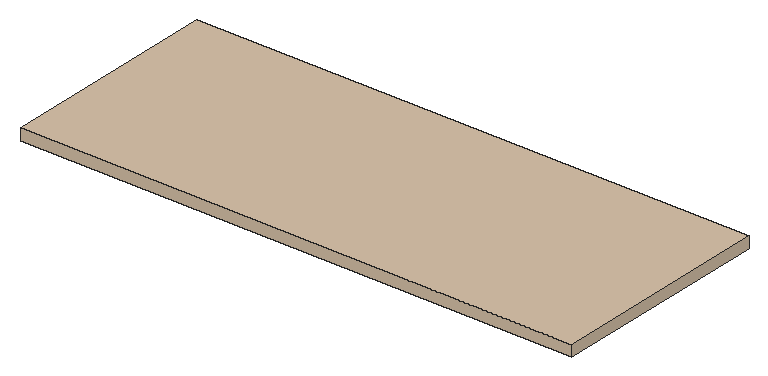
Revit family "Haworth_ComposeStorage_Top", category Furniture Systems, Revit 2018
Family settings
  Round Connector Dimension = Use Diameter
  Part Type = Normal
  OmniClass Number = 23.40.70.14.64.21
  OmniClass Title = Systems Furniture
  Work Plane-Based = No
  Always vertical = Yes
  Cut with Voids When Loaded = No
  Shared = No
  Room Calculation Point = No
Parameters (values of type "60w 24d")
  Width = 60"
  Warranty = "http://www.haworth.com/resources/product-info/warranties"
  URL - Product = "http://www.haworth.com/products/storage/cabinets-towers/compose"
  URL = "www.haworth.com"
  Top Thickness = 1 3/16"  # constant formula
  Top Height [instance] = 29"
  Top Finish = Haworth _ Wood _ White Oak
  Sustainability Info = "http://media.haworth.com/asset/2999/Compose%20PEDS.pdf"
  Size = "Verify Final Dim. w/ Haworth"  # constant formula
  Revision Number = "5"  # constant formula
  Mounting Offset [instance] = Top Height - Top Thickness  # 27 13/16"
  Model = "BZT"  # constant formula
  Min/Max Width = "16-108 in."  # constant formula
  Min/Max Depth = "18-48 in."  # constant formula
  Min. Width = 16"  # constant formula
  Max. Width = 108"  # constant formula
  Min. Depth = 18"  # constant formula
  Max. Depth = 48"  # constant formula
  Manufacturer = "Haworth"  # constant formula
  Edge Finish = Haworth _ Wood _ White Oak
  Description = "Haworth - Compose Storage Top"  # constant formula
  Depth = 24"
  Author = "SHAPE Environments, LLC"  # constant formula
  Assembly Code = "E2020200"
  Actual Width = if(Width > Max. Width, Max. Width, if(Width < Min. Width, Min. Width, Width))  # 60"
  Actual Depth = if(Depth > Max. Depth, Max. Depth, if(Depth < Min. Depth, Min. Depth, Depth))  # 24"
Reference planes (in)
  plane 1 "Storage Top Center F/B": y = 0
  plane 2: z = 0
  plane 3 "Storage Top Center L/R": x = 0
  plane 4 "Left": x = -30
  plane 5 "Back": y = 12
  plane 6 "Front": y = -12
  plane 7 "Right": x = 30
  plane 8 "Top": z = 29
  plane 9 "Bottom": z = 27.8125
Forms (in)
  Extrusion 1, solid, material "Haworth _ Wood _ White Oak" <- "Top Finish"
    sketch origin (-36.03948, -180, 27.8125) x (-1, 0, 0) y (0, -1, 0)
      loop
        line (-6.03948, -192) -> (-6.03948, -168) -> (-66.03948, -168) -> (-66.03948, -192) -> (-6.03948, -192)
    from 0 to 1.1875
Lines and regions (in)
  Masking region 1
    outline origin (0, 0, 0) x (1, 0, 0) y (0, 1, 0)
      loop
        line (-30, 12) -> (-30, -12) -> (30, -12) -> (30, 12) -> (-30, 12)
Dimensions and locks (in)
  equal spacing: plane 5 "Back", plane 1 "Storage Top Center F/B", plane 6 "Front"
  "Actual Depth": plane 5 "Back" to plane 6 "Front"
  equal spacing: plane 4 "Left", plane 3 "Storage Top Center L/R", plane 7 "Right"
  "Actual Width": plane 4 "Left" to plane 7 "Right"
  "Mounting Offset": plane 9 "Bottom" to level
  "Top Thickness": plane 8 "Top" to plane 9 "Bottom"
  aligned and locked: plane 5 "Back" to Extrusion 1 sketch curve
  aligned and locked: plane 7 "Right" to Extrusion 1 sketch curve
  aligned and locked: plane 6 "Front" to Extrusion 1 sketch curve
  aligned and locked: plane 4 "Left" to Extrusion 1 sketch curve
  aligned and locked: plane 8 "Top" to Extrusion 1
  aligned and locked: Extrusion 1 to plane 5 "Back"
  aligned and locked: Extrusion 1 to plane 9 "Bottom"
  aligned and locked: plane 4 "Left" to Masking region 1 sketch curve
  aligned and locked: plane 6 "Front" to Masking region 1 sketch curve
  aligned and locked: plane 7 "Right" to Masking region 1 sketch curve
  aligned and locked: plane 5 "Back" to Masking region 1 sketch curve
Types in the file's own list only (95): name | Width | Depth | Actual Width | Actual Depth
  18w 18d | 18" | 18" | 18" | 18"
  24w 18d | 24" | 18" | 24" | 18"
  30w 18d | 30" | 18" | 30" | 18"
  36w 18d | 36" | 18" | 36" | 18"
  42w 18d | 42" | 18" | 42" | 18"
  48w 18d | 48" | 18" | 48" | 18"
  54w 18d | 54" | 18" | 54" | 18"
  60w 18d | 60" | 18" | 60" | 18"
  66w 18d | 66" | 18" | 66" | 18"
  72w 18d | 72" | 18" | 72" | 18"
  78w 18d | 78" | 18" | 78" | 18"
  84w 18d | 84" | 18" | 84" | 18"
  90w 18d | 90" | 18" | 90" | 18"
  96w 18d | 96" | 18" | 96" | 18"
  102w 18d | 102" | 18" | 102" | 18"
  108w 18d | 108" | 18" | 108" | 18"
  18w 24d | 18" | 24" | 18" | 24"
  24w 24d | 24" | 24" | 24" | 24"
  30w 24d | 30" | 24" | 30" | 24"
  36w 24d | 36" | 24" | 36" | 24"
  42w 24d | 42" | 24" | 42" | 24"
  48w 24d | 48" | 24" | 48" | 24"
  54w 24d | 54" | 24" | 54" | 24"
  66w 24d | 66" | 24" | 66" | 24"
  72w 24d | 72" | 24" | 72" | 24"
  78w 24d | 78" | 24" | 78" | 24"
  84w 24d | 84" | 24" | 84" | 24"
  90w 24d | 90" | 24" | 90" | 24"
  96w 24d | 96" | 24" | 96" | 24"
  102w 24d | 102" | 24" | 102" | 24"
  108w 24d | 108" | 24" | 108" | 24"
  18w 30d | 18" | 30" | 18" | 30"
  24w 30d | 24" | 30" | 24" | 30"
  30w 30d | 30" | 30" | 30" | 30"
  36w 30d | 36" | 30" | 36" | 30"
  42w 30d | 42" | 30" | 42" | 30"
  48w 30d | 48" | 30" | 48" | 30"
  54w 30d | 54" | 30" | 54" | 30"
  60w 30d | 60" | 30" | 60" | 30"
  66w 30d | 66" | 30" | 66" | 30"
  72w 30d | 72" | 30" | 72" | 30"
  78w 30d | 78" | 30" | 78" | 30"
  84w 30d | 84" | 30" | 84" | 30"
  90w 30d | 90" | 30" | 90" | 30"
  96w 30d | 96" | 30" | 96" | 30"
  102w 30d | 102" | 30" | 102" | 30"
  108w 30d | 108" | 30" | 108" | 30"
  18w 36d | 18" | 36" | 18" | 36"
  24w 36d | 24" | 36" | 24" | 36"
  30w 36d | 30" | 36" | 30" | 36"
  36w 36d | 36" | 36" | 36" | 36"
  42w 36d | 42" | 36" | 42" | 36"
  48w 36d | 48" | 36" | 48" | 36"
  54w 36d | 54" | 36" | 54" | 36"
  60w 36d | 60" | 36" | 60" | 36"
  66w 36d | 66" | 36" | 66" | 36"
  72w 36d | 72" | 36" | 72" | 36"
  78w 36d | 78" | 36" | 78" | 36"
  84w 36d | 84" | 36" | 84" | 36"
  90w 36d | 90" | 36" | 90" | 36"
  96w 36d | 96" | 36" | 96" | 36"
  102w 36d | 102" | 36" | 102" | 36"
  108w 36d | 108" | 36" | 108" | 36"
  18w 42d | 18" | 42" | 18" | 42"
  24w 42d | 24" | 42" | 24" | 42"
  30w 42d | 30" | 42" | 30" | 42"
  36w 42d | 36" | 42" | 36" | 42"
  42w 42d | 42" | 42" | 42" | 42"
  48w 42d | 48" | 42" | 48" | 42"
  54w 42d | 54" | 42" | 54" | 42"
  60w 42d | 60" | 42" | 60" | 42"
  66w 42d | 66" | 42" | 66" | 42"
  72w 42d | 72" | 42" | 72" | 42"
  78w 42d | 78" | 42" | 78" | 42"
  84w 42d | 84" | 42" | 84" | 42"
  90w 42d | 90" | 42" | 90" | 42"
  96w 42d | 96" | 42" | 96" | 42"
  102w 42d | 102" | 42" | 102" | 42"
  108w 42d | 108" | 42" | 108" | 42"
  18w 48d | 18" | 48" | 18" | 48"
  24w 48d | 24" | 48" | 24" | 48"
  30w 48d | 30" | 48" | 30" | 48"
  36w 48d | 36" | 48" | 36" | 48"
  42w 48d | 42" | 48" | 42" | 48"
  48w 48d | 48" | 48" | 48" | 48"
  54w 48d | 54" | 48" | 54" | 48"
  60w 48d | 60" | 48" | 60" | 48"
  66w 48d | 66" | 48" | 66" | 48"
  72w 48d | 72" | 48" | 72" | 48"
  78w 48d | 78" | 48" | 78" | 48"
  84w 48d | 84" | 48" | 84" | 48"
  90w 48d | 90" | 48" | 90" | 48"
  96w 48d | 96" | 48" | 96" | 48"
  102w 48d | 102" | 48" | 102" | 48"
  108w 48d | 108" | 48" | 108" | 48"
